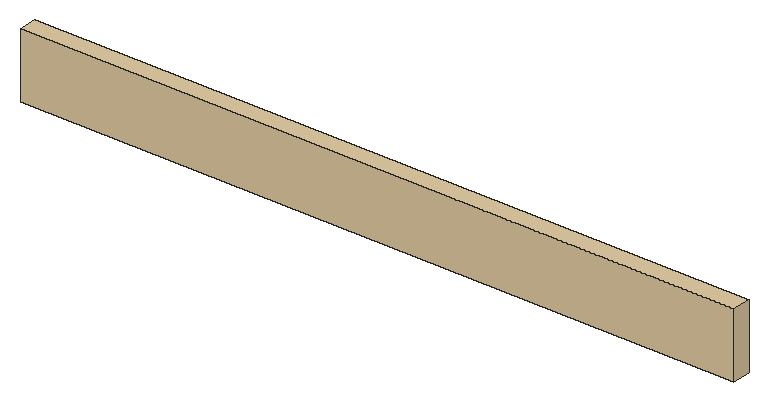
Revit family "BIMSF-Dimension Lumber", category Structural Framing, Revit 2024
Family settings
  Section Shape = Rectangle
  Material for Model Behavior = Wood
  Always export as geometry = No
  Always vertical = Yes
  Cut with Voids When Loaded = No
  Symbolic Representation = From Project Settings
  Shared = No
  Show family pre-cut in plan views = Yes
Parameters (values of type "Default")
  Weight = 0.00 lbf/ft
  Structural Material [instance] = Wood - Dimensional Lumber
  Reported Length [instance] = 5' - 0"
  Model = "V3"
  Description = "Profile Wood"
  A = 0.00 in²
  Assembly Code = ""
  Ix = 0
  Iy = 0
  Length [instance] = 5' - 0"
  Sx = 0
  Sy = 0
  b = 0' - 1 1/2"
  d = 0' - 5 1/2"
Reference planes (in)
  plane 1 "Center (Front/Back)": y = 0
  plane 2: z = 0
  plane 3 "Center (Left/Right)": x = 0.1815
  plane 4: y = 0.75
  plane 5: y = -0.75
  plane 6: z = 2.75
  plane 7: z = -2.75
  plane 8 "Left": x = -29.8185
  plane 9 "Right": x = 30.1815
Forms (in)
  Extrusion 1, solid, material "Wood - Dimensional Lumber" <- "Structural Material", detail levels medium+fine
    sketch origin (0.1815, 0, 0) x (0, 1, 0) y (0, 0, 1)
      loop
        line (0.75, 2.75) -> (-0.75, 2.75) -> (-0.75, -2.75) -> (0.75, -2.75) -> (0.75, 2.75)
    from -30 to 30
Lines and regions (in)
  symbolic lines, style "Stick Symbols", detail levels coarse
    curve 1: line (0.1815, 0.75, 2.75) -> (0.1815, -0.75, 2.75)
    curve 2: line (0.1815, -0.75, -2.75) -> (0.1815, 0.75, -2.75)
    curve 3: line (0.1815, -0.75, 2.75) -> (0.1815, -0.75, -2.75)
    curve 4: line (0.1815, 0.75, -2.75) -> (0.1815, 0.75, 2.75)
  model lines, style "BIMSF.Framing"
    curve 5: line (-29.8185, 0, 0) -> (30.1815, 0, 0)
Dimensions and locks (in)
  "b": plane 4 to plane 5
  "d": plane 7 to plane 6
  equal spacing: plane 7, plane 2, plane 6
  equal spacing: plane 4, plane 1 "Center (Front/Back)", plane 5
  "Length": plane 8 "Left" to plane 9 "Right"
  "Reported Length": plane 8 "Left" to plane 9 "Right"
  aligned and locked: plane 8 "Left" to curve 5
  aligned and locked: plane 9 "Right" to curve 5
  aligned and locked: Extrusion 1 sketch curve to curve 1
  aligned and locked: Extrusion 1 sketch curve to curve 4
  aligned and locked: Extrusion 1 sketch curve to curve 2
  aligned and locked: Extrusion 1 sketch curve to curve 3
  aligned and locked: plane 8 "Left" to Extrusion 1
  aligned and locked: Extrusion 1 to plane 9 "Right"
Automatic sketch dimensions
  curve 5 to plane 1 "Center (Front/Back)" = 0' - 0"
  curve 1 to plane 5 = 0' - 0"
  curve 2 to plane 4 = 0' - 0"
  plane 7 to curve 3 = 0' - 0"
  plane 6 to curve 3 = 0' - 0"
Types in the file's own list only (24): name | A | Ix | Iy | Sx | Sy | b | d
  2x3 | 3.75 in² | 1.953 | 0.703 | 1.563 | 0.938 | 0' - 1 1/2" | 0' - 2 1/2"
  2x4 | 5.25 in² | 5.359 | 0.984 | 3.063 | 1.313 | 0' - 1 1/2" | 0' - 3 1/2"
  2x5 | 6.75 in² | 11.39 | 1.266 | 5.063 | 1.688 | 0' - 1 1/2" | 0' - 4 1/2"
  2x6 | 8.25 in² | 20.8 | 1.547 | 7.563 | 2.063 | 0' - 1 1/2" | 0' - 5 1/2"
  2x8 | 10.88 in² | 47.63 | 2.039 | 13.14 | 2.719 | 0' - 1 1/2" | 0' - 7 1/2"
  2x10 | 13.88 in² | 98.93 | 2.602 | 21.39 | 3.469 | 0' - 1 1/2" | 0' - 9 1/2"
  2x12 | 16.88 in² | 178 | 3.164 | 31.64 | 4.219 | 0' - 1 1/2" | 0' - 11 1/2"
  2x14 | 19.88 in² | 290.8 | 3.727 | 43.89 | 4.969 | 0' - 1 1/2" | 1' - 1 1/2"
  3x4 | 8.75 in² | 8.932 | 4.557 | 5.104 | 3.646 | 0' - 2 1/2" | 0' - 3 1/2"
  3x5 | 11.25 in² | 18.98 | 5.859 | 8.438 | 4.688 | 0' - 2 1/2" | 0' - 4 1/2"
  3x6 | 13.75 in² | 34.66 | 7.161 | 12.6 | 5.729 | 0' - 2 1/2" | 0' - 5 1/2"
  3x8 | 18.13 in² | 79.39 | 9.44 | 21.9 | 7.552 | 0' - 2 1/2" | 0' - 7 1/2"
  3x10 | 23.13 in² | 164.9 | 12.04 | 35.65 | 9.635 | 0' - 2 1/2" | 0' - 9 1/2"
  3x12 | 28.13 in² | 296.6 | 14.65 | 52.73 | 11.72 | 0' - 2 1/2" | 0' - 11 1/2"
  3x14 | 33.13 in² | 484.6 | 17.25 | 73.15 | 13.8 | 0' - 2 1/2" | 1' - 1 1/2"
  3x16 | 38.13 in² | 738.9 | 19.86 | 96.9 | 15.89 | 0' - 2 1/2" | 1' - 3 1/2"
  4x4 | 12.25 in² | 12.51 | 12.51 | 7.146 | 7.146 | 0' - 3 1/2" | 0' - 3 1/2"
  4x5 | 15.75 in² | 26.58 | 16.08 | 11.81 | 9.188 | 0' - 3 1/2" | 0' - 4 1/2"
  4x6 | 19.25 in² | 48.53 | 19.65 | 17.65 | 11.23 | 0' - 3 1/2" | 0' - 5 1/2"
  4x8 | 25.38 in² | 111.1 | 25.9 | 30.66 | 14.8 | 0' - 3 1/2" | 0' - 7 1/2"
  4x10 | 32.38 in² | 230.8 | 33.05 | 49.91 | 18.89 | 0' - 3 1/2" | 0' - 9 1/2"
  4x12 | 39.38 in² | 415.3 | 40.2 | 73.83 | 22.97 | 0' - 3 1/2" | 0' - 11 1/2"
  4x14 | 47.25 in² | 717.6 | 48.23 | 106.3 | 27.56 | 0' - 3 1/2" | 1' - 1 1/2"
  4x16 | 54.25 in² | 1086 | 55.38 | 140.1 | 31.65 | 0' - 3 1/2" | 1' - 3 1/2"
